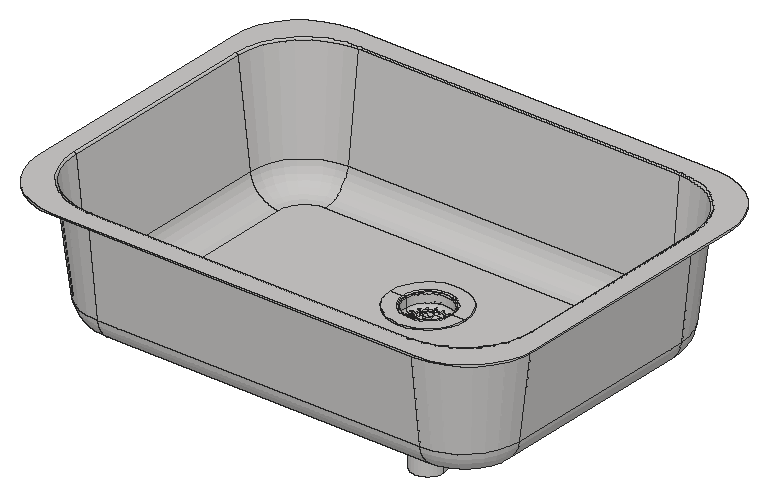
Revit family "Sink-Single_Bowl-American_Standard-Portsmouth-18SB6231800S.075", category Plumbing Fixtures, Revit 2019
Family settings
  Round Connector Dimension = Use Diameter
  Part Type = Normal
  OmniClass Number = 23.45.05.14.14
  OmniClass Title = Sinks/Lavatories
  Work Plane-Based = Yes
  Always vertical = No
  Cut with Voids When Loaded = Yes
  Shared = Yes
  Room Calculation Point = No
Parameters (values of type "18SB6231800S.075")
  Width = 23 3/8"  # constant formula
  Waste Connection Width = 8.70079"
  Waste Connection Radius = Waste Connection Diameter / 2  # 3/4"
  Waste Connection Offset = 6 5/16"  # constant formula
  Waste Connection Height = 18"
  Waste Connection Diameter = 1 1/2"
  Waste Connection = yes
  Warranty Information = "Limited Lifetime Warranty"
  WFU = 3  # constant formula
  Vent Connection = no
  URL = "https://www.americanstandard-us.com/"
  Type Comments = "26\" (660mm) cabinet required"
  Sink Offset = 2"
  Revised Date = "10/14/2022"  # constant formula
  Product Page URL = "https://www.americanstandard-us.com/Single-Bowl-Kitchen-Sinks/Portsmouth-23-x-18-Inch-Stainless-Steel-Undermount-Single-Bowl-ADA-Kitchen-Sink/STAINLESS-STL-18SB6231800S075"
  Product Documentation Link = "https://americanstandard.box.com/shared/static/1qiobrpldkbivyowbj132sy7ypx79puj.pdf"
  Model = "18SB6231800S.075"
  Material = "Metal-American Standard-075-Stainless Steel"
  Manufacturer = "American Standard"  # constant formula
  Length = 17 3/4"  # constant formula
  Installation Type = "Undermount"  # constant formula
  IAPMO Compliance = "Compliance Certifications - meets or exceeds ASME A112.19.3"
  Hot Water Connection Width = 4"
  Hot Water Connection Radius = Hot Water Connection Diameter / 2  # 1/4"
  Hot Water Connection Diameter = 1/2"
  Height = 6"  # constant formula
  HWFU = 2  # constant formula
  HW Connection = yes
  Finish = Metal-American Standard-075-Stainless Steel
  Description = "Portsmouth 23x18-inch ADA Stainless Steel Kitchen Sink"  # constant formula
  Default Elevation = 34"  # constant formula
  Creation Date = "02/06/2019"  # constant formula
  Counter Thickness = 1"
  Cold Water Connection Width = 4"
  Cold Water Connection Radius = 1/4"
  Cold Water Connection Height = 20"
  Cold Water Connection Diameter = Cold Water Connection Radius * 2  # 1/2"
  CWFU = 2  # constant formula
  CW Connection = yes
  Bowl Width = 21 7/16"  # constant formula
  Bowl Length = 15 13/16"  # constant formula
  Basin Shape = "Rectangular"  # constant formula
  Assembly Code = "D2010410"
  ADA Compliant = yes
  9028000.075 Waste Fitting = yes
  791676-100.0070A Undermount Sink Clips = yes
Reference planes (in)
  plane 1 "Center (Front/Back)": y = 0
  plane 2: z = 0
  plane 3 "Center (Left/Right)": x = 0
  plane 4: x = -11.6875
  plane 5: x = 11.6875
  plane 6: y = -2
  plane 7: y = -19.75
  plane 8: z = -1
  plane 9: z = -7
  plane 10: z = 0.0625
  plane 11: y = -18.78125
  plane 12: y = -8.3125
  plane 13: z = -12.5625
  plane 14: x = -4
  plane 15: x = 4
  plane 16: x = -10.71875
  plane 17: x = 10.71875
  plane 18: y = -10.875
  plane 19: y = -2.96875
  plane 20: z = -34
  plane 21: z = -14
  plane 22: z = -16
Forms (in)
  Extrusion 1, solid, material "Metal-American Standard-075-Stainless Steel" <- "Finish", not visible
    sketch origin (0, 0, 0) x (1, 0, 0) y (0, 0, 1)
      loop
        circle (-4, -14) r 0.25
      loop
        circle (4, -14) r 0.25
      loop
        circle (0, -16) r 0.75
    from 0 to 0.0625
  Sweep 2, solid, material "Metal-American Standard-075-Stainless Steel" <- "Finish"
    path origin (0, 0, 0) x (1, 0, 0) y (0, 1, 0)
      loop
        arc (-7.56914, -2.96875) -> (-9.79625, -3.89125) -> (-10.71875, -6.11836) r 3.14961
        line (-10.71875, -6.11836) -> (-10.71875, -15.63164)
        arc (-10.71875, -15.63164) -> (-9.79625, -17.85875) -> (-7.56914, -18.78125) r 3.14961
        line (-7.56914, -18.78125) -> (7.56914, -18.78125)
        arc (7.56914, -18.78125) -> (9.79625, -17.85875) -> (10.71875, -15.63164) r 3.14961
        line (10.71875, -15.63164) -> (10.71875, -6.11836)
        arc (10.71875, -6.11836) -> (9.79625, -3.89125) -> (7.56914, -2.96875) r 3.14961
        line (7.56914, -2.96875) -> (-7.56914, -2.96875)
    profile origin (-10.71875, -10.875, 0) x (-1, 0, 0) y (0, 0, 1)
      loop
        line (0.3937, -1) -> (0.07952, -1)
        arc (0.07952, -1) -> (0.01996, -1.02256) -> (-0.00969, -1.07893) r 0.08988
        line (-0.00969, -1.07893) -> (-0.582, -5.75575)
        arc (-0.582, -5.75575) -> (-1.02581, -6.5993) -> (-1.91717, -6.93701) r 1.3452
        line (-1.91717, -6.93701) -> (-2.11273, -6.93701) -> (-2.11273, -7) -> (-1.85227, -7)
        arc (-1.85227, -7) -> (-0.96778, -6.6649) -> (-0.52739, -5.82784) r 1.33484
        line (-0.52739, -5.82784) -> (0.05573, -1.06299) -> (0.3937, -1.06299) -> (0.3937, -1)
  Extrusion 3, solid, material "Metal-American Standard-075-Stainless Steel" <- "Finish"
    sketch origin (0, 0, 0) x (1, 0, 0) y (0, 1, 0)
      loop
        arc (-8.53789, -2) -> (-10.765, -2.9225) -> (-11.6875, -5.14961) r 3.14961
        line (-11.6875, -5.14961) -> (-11.6875, -16.60039)
        arc (-11.6875, -16.60039) -> (-10.765, -18.8275) -> (-8.53789, -19.75) r 3.14961
        line (-8.53789, -19.75) -> (8.53789, -19.75)
        arc (8.53789, -19.75) -> (10.765, -18.8275) -> (11.6875, -16.60039) r 3.14961
        line (11.6875, -16.60039) -> (11.6875, -5.14961)
        arc (11.6875, -5.14961) -> (10.765, -2.9225) -> (8.53789, -2) r 3.14961
        line (8.53789, -2) -> (-8.53789, -2)
      loop
        arc (-7.56914, -2.57505) -> (-10.07464, -3.61286) -> (-11.11245, -6.11836) r 3.54331
        line (-11.11245, -6.11836) -> (-11.11245, -15.63164)
        arc (-11.11245, -15.63164) -> (-10.07464, -18.13714) -> (-7.56914, -19.17495) r 3.54331
        line (-7.56914, -19.17495) -> (7.56914, -19.17495)
        arc (7.56914, -19.17495) -> (10.07464, -18.13714) -> (11.11245, -15.63164) r 3.54331
        line (11.11245, -15.63164) -> (11.11245, -6.11836)
        arc (11.11245, -6.11836) -> (10.07464, -3.61286) -> (7.56914, -2.57505) r 3.54331
        line (7.56914, -2.57505) -> (-7.56914, -2.57505)
    from -1.06299 to -1
  Extrusion 4, solid, material "Metal-American Standard-075-Stainless Steel" <- "Finish"
    sketch origin (0, 0, 0) x (1, 0, 0) y (0, 1, 0)
      loop
        arc (-7.56914, -5.08148) -> (-8.30233, -5.38517) -> (-8.60602, -6.11836) r 1.03688
        line (-8.60602, -6.11836) -> (-8.60602, -15.63164)
        arc (-8.60602, -15.63164) -> (-8.30233, -16.36483) -> (-7.56914, -16.66852) r 1.03688
        line (-7.56914, -16.66852) -> (7.56914, -16.66852)
        arc (7.56914, -16.66852) -> (8.30233, -16.36483) -> (8.60602, -15.63164) r 1.03688
        line (8.60602, -15.63164) -> (8.60602, -6.11836)
        arc (8.60602, -6.11836) -> (8.30233, -5.38517) -> (7.56914, -5.08148) r 1.03688
        line (7.56914, -5.08148) -> (-7.56914, -5.08148)
      loop
        circle (0, -8.3125) r 1.77165
    from -7 to -6.93701
  Extrusion 5, void
    sketch origin (0, 0, 0) x (1, 0, 0) y (0, 1, 0)
      loop
        arc (-7.56528, -2.96875) -> (-9.79512, -3.89238) -> (-10.71875, -6.12222) r 3.15347
        line (-10.71875, -6.12222) -> (-10.71875, -15.62891)
        arc (-10.71875, -15.62891) -> (-9.79545, -17.85795) -> (-7.56641, -18.78125) r 3.15234
        line (-7.56641, -18.78125) -> (7.56641, -18.78125)
        arc (7.56641, -18.78125) -> (9.79545, -17.85795) -> (10.71875, -15.62891) r 3.15234
        line (10.71875, -15.62891) -> (10.71875, -6.12109)
        arc (10.71875, -6.12109) -> (9.79545, -3.89205) -> (7.56641, -2.96875) r 3.15234
        line (7.56641, -2.96875) -> (-7.56528, -2.96875)
    from -7 to 0
Cuts and joins
  joined: Sweep 2, Extrusion 3, Extrusion 4
Lines and regions (in)
  Masking region 1
    outline origin (0, 0, 0) x (1, 0, 0) y (0, 1, 0)
      loop
        arc (-8.53789, -2) -> (-10.765, -2.9225) -> (-11.6875, -5.14961) r 3.14961
        line (-11.6875, -5.14961) -> (-11.6875, -16.60039)
        arc (-11.6875, -16.60039) -> (-10.765, -18.8275) -> (-8.53789, -19.75) r 3.14961
        line (-8.53789, -19.75) -> (8.53789, -19.75)
        arc (8.53789, -19.75) -> (10.765, -18.8275) -> (11.6875, -16.60039) r 3.14961
        line (11.6875, -16.60039) -> (11.6875, -5.14961)
        arc (11.6875, -5.14961) -> (10.765, -2.9225) -> (8.53789, -2) r 3.14961
        line (8.53789, -2) -> (-8.53789, -2)
      loop
        circle (0, -8.3125) r 1.77165
  symbolic lines, detail levels medium+fine
    curve 1: arc (-7.56914, -2.91302, 0) -> (-9.83566, -3.85184, 0) -> (-10.77448, -6.11836, 0) r 3.20534
    curve 2: line (-10.77448, -6.11836, 0) -> (-10.77448, -15.63164, 0)
    curve 3: arc (-10.77448, -15.63164, 0) -> (-9.83566, -17.89816, 0) -> (-7.56914, -18.83698, 0) r 3.20534
    curve 4: line (-7.56914, -18.83698, 0) -> (7.56914, -18.83698, 0)
    curve 5: arc (7.56914, -18.83698, 0) -> (9.83566, -17.89816, 0) -> (10.77448, -15.63164, 0) r 3.20534
    curve 6: line (10.77448, -15.63164, 0) -> (10.77448, -6.11836, 0)
    curve 7: arc (10.77448, -6.11836, 0) -> (9.83566, -3.85184, 0) -> (7.56914, -2.91302, 0) r 3.20534
    curve 8: line (7.56914, -2.91302, 0) -> (-7.56914, -2.91302, 0)
  symbolic lines, detail levels fine
    curve 9: circle (0, -8.3125, 0) r 1.77165 normal (0, 0, 1)
Dimensions and locks (in)
  equal spacing: plane 4, plane 3 "Center (Left/Right)", plane 5
  "Sink Offset": plane 1 "Center (Front/Back)" to plane 6
  "Length": plane 6 to plane 7
  "Width": plane 4 to plane 5
  "Counter Thickness": level to plane 8
  "Hot Water Connection Width": plane 14 to plane 3 "Center (Left/Right)"
  "Cold Water Connection Width": plane 15 to plane 3 "Center (Left/Right)"
  equal spacing: plane 16, plane 3 "Center (Left/Right)", plane 17
  "Bowl Width": plane 16 to plane 17
  "Waste Connection Offset": plane 12 to plane 6
  equal spacing: plane 19, plane 18, plane 11
  "Bowl Length": plane 19 to plane 11
  equal spacing: plane 6, plane 18, plane 7
  "Height": plane 8 to plane 9
  locked: Sweep 2 sketch curve to plane 9 at 0.06299
  locked: plane 8 to Sweep 2 sketch curve at 0.06299
  "Default Elevation": level to plane 20
  "Waste Connection Height": plane 22 to plane 20
  "Cold Water Connection Height": plane 21 to plane 20
  "Hot Water Connection Diameter": diameter of Extrusion 1 sketch curve
  "Cold Water Connection Diameter": diameter of Extrusion 1 sketch curve
  "Waste Connection Diameter": diameter of Extrusion 1 sketch curve
  radius of Sweep 2 sketch curve = 3.14961"  (x4)
  radius of Sweep 2 sketch curve = 0.08988"
  radius of Sweep 2 sketch curve = 1.3452"
  radius of Sweep 2 sketch curve = 1.33484"
  radius of Extrusion 3 sketch curve = 3.14961"  (x4)
  radius of Extrusion 4 sketch curve = 1.77165"
  radius of Extrusion 5 sketch curve = 3.15347"
  radius of Extrusion 5 sketch curve = 3 39/256"  (x3)
  aligned and locked: Extrusion 1 sketch curve to plane 15
  aligned and locked: plane 14 to Extrusion 1 sketch curve
  aligned and locked: plane 3 "Center (Left/Right)" to Extrusion 1 sketch curve
  aligned and locked: Sweep 2 sketch curve to plane 19
  aligned and locked: plane 16 to Sweep 2 sketch curve
  aligned and locked: Sweep 2 sketch curve to plane 11
  aligned and locked: plane 17 to Sweep 2 sketch curve
  aligned and locked: plane 8 to Sweep 2 sketch curve
  aligned and locked: plane 9 to Sweep 2 sketch curve
  aligned and locked: Extrusion 3 sketch curve to plane 6
  aligned and locked: plane 4 to Extrusion 3 sketch curve
  aligned and locked: plane 7 to Extrusion 3 sketch curve
  aligned and locked: plane 5 to Extrusion 3 sketch curve
  aligned and locked: Extrusion 3 sketch curve to Sweep 2  (x4)
  aligned and locked: Extrusion 3 to Sweep 2  (x2)
  aligned and locked: Extrusion 4 sketch curve to cut or joined group of Sweep 2, Extrusion 3, Extrusion 4  (x4)
  aligned and locked: plane 3 "Center (Left/Right)" to Extrusion 4 sketch curve
  aligned and locked: plane 12 to Extrusion 4 sketch curve
  aligned and locked: cut or joined group of Sweep 2, Extrusion 3, Extrusion 4 to Extrusion 4  (x2)
  aligned and locked: Extrusion 5 sketch curve to plane 19
  aligned and locked: plane 16 to Extrusion 5 sketch curve
  aligned and locked: Extrusion 5 sketch curve to plane 11
  aligned and locked: plane 17 to Extrusion 5 sketch curve
  aligned and locked: plane 9 to Extrusion 5
  aligned and locked: level to Extrusion 5
  aligned and locked: Masking region 1 sketch curve to cut or joined group of Sweep 2, Extrusion 3, Extrusion 4  (x4)
  aligned and locked: curve 1 to cut or joined group of Sweep 2, Extrusion 3, Extrusion 4
  aligned and locked: curve 3 to cut or joined group of Sweep 2, Extrusion 3, Extrusion 4
  aligned and locked: curve 5 to cut or joined group of Sweep 2, Extrusion 3, Extrusion 4
  aligned and locked: curve 7 to cut or joined group of Sweep 2, Extrusion 3, Extrusion 4
  aligned and locked: curve 9 to cut or joined group of Sweep 2, Extrusion 3, Extrusion 4
  aligned and locked: plane 3 "Center (Left/Right)" to nested 1
  aligned and locked: nested 1 to plane 12
  aligned and locked: plane 21 to Extrusion 1 sketch curve  (x2)
  aligned and locked: plane 22 to Extrusion 1 sketch curve
Automatic sketch dimensions
  profile plane to Sweep 2 sketch curve = 2.11273"
  Sweep 2 sketch curve to Sweep 2 sketch curve = 0.19556"
  Sweep 2 sketch curve to Sweep 2 sketch curve = 0.0649"
  profile plane to Sweep 2 sketch curve = 0.582"
  Sweep 2 sketch curve to Sweep 2 sketch curve = 0.05461"
  profile plane to Sweep 2 sketch curve = 0.00969"
  Sweep 2 sketch curve to profile plane = 0.05573"
  Sweep 2 sketch curve to Sweep 2 sketch curve = 0.02379"
  Sweep 2 sketch curve to Sweep 2 sketch curve = 0.31418"
Nested families (in)
  nested 1: "Strainer 2" at (0, -3.1875, -0.31155), Strainer Material <- "Finish", Tailpiece Material <- "Finish", visible <- "9028000.075 Waste Fitting", type "Sink Cup"
    with Tailpiece Radius 3/4", Tailpiece Material Metal-American Standard-075-Stainless Steel, Tailpiece Height 6", Strainer Material Metal-American Standard-075-Stainless Steel
Connectors (in)
  piping at (-4, 0, -14), diameter 0.5, driven by "HWFU", driven by "Hot Water Connection Diameter"
    settings: on Extrusion 1, index 1, connector inside diameter 24", connector length 0", flow factor 0, pipe flow 0 GPM, pressure drop 0.00 psi, fitting loss kfactor 0, connector angle 0.00°, fixture units 2, engagement length 0", angle of deflection 0.00°, flow configuration 3, flow direction 1, fitting loss method 0, system type 19, joint type 0, gender type 0, connector reference index -1, connector utility 0, adjustable connector no, is connector primary yes, connector description "1/2\" HW Inlet"
  piping at (0, 0, -16), diameter 1.5, driven by "WFU", driven by "Waste Connection Diameter"
    settings: on Extrusion 1, index 2, connector inside diameter 24", connector length 0", flow factor 0, pipe flow 0 GPM, pressure drop 0.00 psi, fitting loss kfactor 0, connector angle 0.00°, fixture units 3, engagement length 0", angle of deflection 0.00°, flow configuration 3, flow direction 2, fitting loss method 0, system type 16, joint type 0, gender type 0, connector reference index -1, connector utility 0, adjustable connector yes, is connector primary no, connector description "1-1/2\" Waste Outlet"
  piping at (4, 0, -14), diameter 0.5, driven by "CWFU", driven by "Cold Water Connection Diameter"
    settings: on Extrusion 1, index 3, connector inside diameter 24", connector length 0", flow factor 0, pipe flow 0 GPM, pressure drop 0.00 psi, fitting loss kfactor 0, connector angle 0.00°, fixture units 2, engagement length 0", angle of deflection 0.00°, flow configuration 3, flow direction 1, fitting loss method 0, system type 20, joint type 0, gender type 0, connector reference index -1, connector utility 0, adjustable connector no, is connector primary no, connector description "1/2\" CW Inlet"
Definition of nested family "Strainer 2"
  Parameters (values of type "Sink Cup")
    Waste Connection = yes
    WFU = 3  # constant formula
    Vent Connection = no
    URL = "https://www.franke.com/"
    Type Comments = "Minimum Cabinet Size 21\" Required"
    Tailpiece Radius [instance] = 85/256"
    Tailpiece Material [instance] = none
    Tailpiece Height [instance] = 1"
    Strainer Material [instance] = none
    Model = ""
    Material = "Stainless Steel-Franke-20 Gauge-Satin"
    Manufacturer = "Franke Commercial"
    Installation Type = "Topmounted / Undermounted"
    HWFU = 2  # constant formula
    HW Connection = yes
    Finish = none
    Description = "Rotondo Stainless Steel Sink"
    Default Elevation = 0"
    CWFU = 2  # constant formula
    CW Connection = yes
    Assembly Code = "D2010410"
  Reference planes (in)
    plane 1 "Center (Front/Back)": y = 0
    plane 2: z = 0
    plane 3 "Center (Left/Right)": x = 0
    plane 4: y = -2
    plane 5: z = 0.0625
    plane 6: x = -8.5625
    plane 7: x = 8.5625
    plane 8: y = -19.125
    plane 9: y = -10.5625
    plane 10: y = -0.625
    plane 11: y = -18.375
    plane 12: x = -7.8125
    plane 13: x = 7.8125
    plane 14: z = -6.625
    plane 15: z = -6.5625
    plane 16: y = -5.125
    plane 17: z = -7.37496
    plane 18: z = -8.37496
  Forms (in)
    Revolve 1, solid, material <- "Strainer Material"
      sketch origin (0, -5.12519, 0) x (1, 0, 0) y (0, 0, 1)
        loop
          arc (1.16148, -6.5625) -> (1.08847, -6.59274) -> (1.05823, -6.66575) r 0.10325
          line (1.05823, -6.66575) -> (1.05823, -7.05025)
          arc (1.05823, -7.05025) -> (0.99972, -7.19149) -> (0.85848, -7.25) r 0.19975
          line (0.85848, -7.25) -> (0.74387, -7.25)
          arc (0.74387, -7.25) -> (0.65998, -7.25976) -> (0.58057, -7.28851) r 0.36546
          arc (0.58057, -7.28851) -> (0.3068, -7.34328) -> (0.04305, -7.25173) r 0.53147
          line (0.04305, -7.25173) -> (0.04305, -7.02144) -> (0.20274, -7.02144) -> (0.20274, -6.97695)
          arc (0.20274, -6.97695) -> (0.10192, -6.96109) -> (0, -6.95579) r 0.98161
          line (0, -6.95579) -> (0, -7.2989)
          arc (0, -7.2989) -> (0.34375, -7.4059) -> (0.6875, -7.2989) r 0.60569
          line (0.6875, -7.2989) -> (0.6875, -7.37462) -> (0.7982, -7.37462) -> (0.7982, -7.2989) -> (0.84935, -7.2989)
          arc (0.84935, -7.2989) -> (1.04124, -7.21942) -> (1.12073, -7.02753) r 0.27138
          line (1.12073, -7.02753) -> (1.12073, -6.625) -> (1.74981, -6.625) -> (1.74981, -6.5625) -> (1.16148, -6.5625)
        axis (0, -7.37462) -> (0, -6.5625)
      angle from 0 to 360
    Revolve 2, solid, material <- "Tailpiece Material"
      sketch origin (0, -5.125, 0) x (1, 0, 0) y (0, 0, 1)
        loop
          line (0.33203, -7.29742) -> (0.21377, -7.29742) -> (0.21377, -8.37496) -> (0.33203, -8.37496) -> (0.33203, -7.29742)
        axis (0, -7.29742) -> (0, -8.37496)
      angle from 0 to 360
    Extrusion 3, void
      sketch origin (0, 0, 0) x (1, 0, 0) y (0, 1, 0)
        loop
          circle (0, -5.12519) r 1.09217
        loop
          circle (0, -5.12519) r 1.07624
      from -6.97695 to -6.3389
    Extrusion 4, void
      sketch origin (0, 0, 0) x (1, 0, 0) y (0, 1, 0)
        loop
          arc (-0.03829, -4.42496) -> (0.01332, -4.47657) -> (0.06494, -4.42496) r 0.05161
          line (0.06494, -4.42496) -> (0.06494, -4.20166)
          arc (0.06494, -4.20166) -> (0.01332, -4.15004) -> (-0.03829, -4.20166) r 0.05161
          line (-0.03829, -4.20166) -> (-0.03829, -4.42496)
      from -7.4428 to -7.11245
    Extrusion 5, void
      sketch origin (-1.75154, -0.30932, 0) x (0.939693, 0.34202, 0) y (-0.34202, 0.939693, 0)
        loop
          arc (-0.03829, -4.42496) -> (0.01332, -4.47657) -> (0.06494, -4.42496) r 0.05161
          line (0.06494, -4.42496) -> (0.06494, -4.20166)
          arc (0.06494, -4.20166) -> (0.01332, -4.15004) -> (-0.03829, -4.20166) r 0.05161
          line (-0.03829, -4.20166) -> (-0.03829, -4.42496)
      from -7.4428 to -7.11245
    Extrusion 6, void
      sketch origin (1.7517, -0.3084, 0) x (0.939693, -0.34202, 0) y (0.34202, 0.939693, 0)
        loop
          arc (-0.03829, -4.42496) -> (0.01332, -4.47657) -> (0.06494, -4.42496) r 0.05161
          line (0.06494, -4.42496) -> (0.06494, -4.20166)
          arc (0.06494, -4.20166) -> (0.01332, -4.15004) -> (-0.03829, -4.20166) r 0.05161
          line (-0.03829, -4.20166) -> (-0.03829, -4.42496)
      from -7.4428 to -7.11245
    Extrusion 7, void
      sketch origin (3.29228, -1.19731, 0) x (0.766044, -0.642788, 0) y (0.642788, 0.766044, 0)
        loop
          arc (-0.03829, -4.42496) -> (0.01332, -4.47657) -> (0.06494, -4.42496) r 0.05161
          line (0.06494, -4.42496) -> (0.06494, -4.20166)
          arc (0.06494, -4.20166) -> (0.01332, -4.15004) -> (-0.03829, -4.20166) r 0.05161
          line (-0.03829, -4.20166) -> (-0.03829, -4.42496)
      from -7.4428 to -7.11245
    Extrusion 8, void
      sketch origin (4.43593, -2.55953, 0) x (0.5, -0.866025, 0) y (0.866025, 0.5, 0)
        loop
          arc (-0.03829, -4.42496) -> (0.01332, -4.47657) -> (0.06494, -4.42496) r 0.05161
          line (0.06494, -4.42496) -> (0.06494, -4.20166)
          arc (0.06494, -4.20166) -> (0.01332, -4.15004) -> (-0.03829, -4.20166) r 0.05161
          line (-0.03829, -4.20166) -> (-0.03829, -4.42496)
      from -7.4428 to -7.11245
    Extrusion 9, void
      sketch origin (5.0447, -4.23074, 0) x (0.173648, -0.984808, 0) y (0.984808, 0.173648, 0)
        loop
          arc (-0.03829, -4.42496) -> (0.01332, -4.47657) -> (0.06494, -4.42496) r 0.05161
          line (0.06494, -4.42496) -> (0.06494, -4.20166)
          arc (0.06494, -4.20166) -> (0.01332, -4.15004) -> (-0.03829, -4.20166) r 0.05161
          line (-0.03829, -4.20166) -> (-0.03829, -4.42496)
      from -7.4428 to -7.11245
    Extrusion 10, void
      sketch origin (5.04517, -6.00938, 0) x (-0.173648, -0.984808, 0) y (0.984808, -0.173648, 0)
        loop
          arc (-0.03829, -4.42496) -> (0.01332, -4.47657) -> (0.06494, -4.42496) r 0.05161
          line (0.06494, -4.42496) -> (0.06494, -4.20166)
          arc (0.06494, -4.20166) -> (0.01332, -4.15004) -> (-0.03829, -4.20166) r 0.05161
          line (-0.03829, -4.20166) -> (-0.03829, -4.42496)
      from -7.4428 to -7.11245
    Extrusion 11, void
      sketch origin (4.43728, -7.68092, 0) x (-0.5, -0.866025, 0) y (0.866025, -0.5, 0)
        loop
          arc (-0.03829, -4.42496) -> (0.01332, -4.47657) -> (0.06494, -4.42496) r 0.05161
          line (0.06494, -4.42496) -> (0.06494, -4.20166)
          arc (0.06494, -4.20166) -> (0.01332, -4.15004) -> (-0.03829, -4.20166) r 0.05161
          line (-0.03829, -4.20166) -> (-0.03829, -4.42496)
      from -7.4428 to -7.11245
    Extrusion 12, void
      sketch origin (3.29435, -9.04374, 0) x (-0.766044, -0.642788, 0) y (0.642788, -0.766044, 0)
        loop
          arc (-0.03829, -4.42496) -> (0.01332, -4.47657) -> (0.06494, -4.42496) r 0.05161
          line (0.06494, -4.42496) -> (0.06494, -4.20166)
          arc (0.06494, -4.20166) -> (0.01332, -4.15004) -> (-0.03829, -4.20166) r 0.05161
          line (-0.03829, -4.20166) -> (-0.03829, -4.42496)
      from -7.4428 to -7.11245
    Extrusion 13, void
      sketch origin (1.75423, -9.93346, 0) x (-0.939693, -0.34202, 0) y (0.34202, -0.939693, 0)
        loop
          arc (-0.03829, -4.42496) -> (0.01332, -4.47657) -> (0.06494, -4.42496) r 0.05161
          line (0.06494, -4.42496) -> (0.06494, -4.20166)
          arc (0.06494, -4.20166) -> (0.01332, -4.15004) -> (-0.03829, -4.20166) r 0.05161
          line (-0.03829, -4.20166) -> (-0.03829, -4.42496)
      from -7.4428 to -7.11245
    Extrusion 14, void
      sketch origin (0.00269, -10.24278, 0) x (-1, 0, 0) y (0, -1, 0)
        loop
          arc (-0.03829, -4.42496) -> (0.01332, -4.47657) -> (0.06494, -4.42496) r 0.05161
          line (0.06494, -4.42496) -> (0.06494, -4.20166)
          arc (0.06494, -4.20166) -> (0.01332, -4.15004) -> (-0.03829, -4.20166) r 0.05161
          line (-0.03829, -4.20166) -> (-0.03829, -4.42496)
      from -7.4428 to -7.11245
    Extrusion 15, void
      sketch origin (-1.74901, -9.93439, 0) x (-0.939693, 0.34202, 0) y (-0.34202, -0.939693, 0)
        loop
          arc (-0.03829, -4.42496) -> (0.01332, -4.47657) -> (0.06494, -4.42496) r 0.05161
          line (0.06494, -4.42496) -> (0.06494, -4.20166)
          arc (0.06494, -4.20166) -> (0.01332, -4.15004) -> (-0.03829, -4.20166) r 0.05161
          line (-0.03829, -4.20166) -> (-0.03829, -4.42496)
      from -7.4428 to -7.11245
    Extrusion 16, void
      sketch origin (-3.28959, -9.04547, 0) x (-0.766044, 0.642788, 0) y (-0.642788, -0.766044, 0)
        loop
          arc (-0.03829, -4.42496) -> (0.01332, -4.47657) -> (0.06494, -4.42496) r 0.05161
          line (0.06494, -4.42496) -> (0.06494, -4.20166)
          arc (0.06494, -4.20166) -> (0.01332, -4.15004) -> (-0.03829, -4.20166) r 0.05161
          line (-0.03829, -4.20166) -> (-0.03829, -4.42496)
      from -7.4428 to -7.11245
    Extrusion 17, void
      sketch origin (-4.43323, -7.68325, 0) x (-0.5, 0.866025, 0) y (-0.866025, -0.5, 0)
        loop
          arc (-0.03829, -4.42496) -> (0.01332, -4.47657) -> (0.06494, -4.42496) r 0.05161
          line (0.06494, -4.42496) -> (0.06494, -4.20166)
          arc (0.06494, -4.20166) -> (0.01332, -4.15004) -> (-0.03829, -4.20166) r 0.05161
          line (-0.03829, -4.20166) -> (-0.03829, -4.42496)
      from -7.4428 to -7.11245
    Extrusion 18, void
      sketch origin (-5.042, -6.01204, 0) x (-0.173648, 0.984808, 0) y (-0.984808, -0.173648, 0)
        loop
          arc (-0.03829, -4.42496) -> (0.01332, -4.47657) -> (0.06494, -4.42496) r 0.05161
          line (0.06494, -4.42496) -> (0.06494, -4.20166)
          arc (0.06494, -4.20166) -> (0.01332, -4.15004) -> (-0.03829, -4.20166) r 0.05161
          line (-0.03829, -4.20166) -> (-0.03829, -4.42496)
      from -7.4428 to -7.11245
    Extrusion 19, void
      sketch origin (-5.04247, -4.2334, 0) x (0.173648, 0.984808, 0) y (-0.984808, 0.173648, 0)
        loop
          arc (-0.03829, -4.42496) -> (0.01332, -4.47657) -> (0.06494, -4.42496) r 0.05161
          line (0.06494, -4.42496) -> (0.06494, -4.20166)
          arc (0.06494, -4.20166) -> (0.01332, -4.15004) -> (-0.03829, -4.20166) r 0.05161
          line (-0.03829, -4.20166) -> (-0.03829, -4.42496)
      from -7.4428 to -7.11245
    Extrusion 20, void
      sketch origin (-4.43458, -2.56186, 0) x (0.5, 0.866025, 0) y (-0.866025, 0.5, 0)
        loop
          arc (-0.03829, -4.42496) -> (0.01332, -4.47657) -> (0.06494, -4.42496) r 0.05161
          line (0.06494, -4.42496) -> (0.06494, -4.20166)
          arc (0.06494, -4.20166) -> (0.01332, -4.15004) -> (-0.03829, -4.20166) r 0.05161
          line (-0.03829, -4.20166) -> (-0.03829, -4.42496)
      from -7.4428 to -7.11245
    Extrusion 21, void
      sketch origin (-3.29165, -1.19904, 0) x (0.766044, 0.642788, 0) y (-0.642788, 0.766044, 0)
        loop
          arc (-0.03829, -4.42496) -> (0.01332, -4.47657) -> (0.06494, -4.42496) r 0.05161
          line (0.06494, -4.42496) -> (0.06494, -4.20166)
          arc (0.06494, -4.20166) -> (0.01332, -4.15004) -> (-0.03829, -4.20166) r 0.05161
          line (-0.03829, -4.20166) -> (-0.03829, -4.42496)
      from -7.4428 to -7.11245
  Cuts and joins
    Extrusion 3, Extrusion 4, Extrusion 5, Extrusion 6, Extrusion 7, Extrusion 8, Extrusion 9, Extrusion 10, Extrusion 11, Extrusion 12, Extrusion 13, Extrusion 14, Extrusion 15, Extrusion 16, Extrusion 17, Extrusion 18, Extrusion 19, Extrusion 20, Extrusion 21 cuts Revolve 1
  Lines and regions (in)
    Masking region 1
      outline origin (0, 0, 0) x (1, 0, 0) y (0, 1, 0)
        loop
          circle (0, -5.12519) r 1.74981
    symbolic lines, detail levels fine
      curve 1: circle (0, -5.12519, 0) r 1.09217 normal (0, 0, 1)
      curve 2: spline (0.06491, -4.42496, 0) -> (0.06334, -4.43834, 0) -> (0.05829, -4.45085, 0) -> (0.05012, -4.46161, 0) -> (0.03939, -4.46989, 0) -> (0.02686, -4.47509, 0) -> (0.01338, -4.47687, 0) -> (-0.0001, -4.47509, 0) -> (-0.01264, -4.46989, 0) -> (-0.02337, -4.46161, 0) -> (-0.03155, -4.45085, 0) -> (-0.0366, -4.43834, 0) -> (-0.03818, -4.42496, 0)
      curve 3: line (-0.03818, -4.42496, 0) -> (-0.03829, -4.3823, 0)
      curve 4: line (-0.19124, -4.40632, 0) -> (-0.17714, -4.44522, 0)
      curve 5: spline (-0.17714, -4.44522, 0) -> (-0.17414, -4.45779, 0) -> (-0.17473, -4.47079, 0) -> (-0.17887, -4.48332, 0) -> (-0.18626, -4.49448, 0) -> (-0.19639, -4.5035, 0) -> (-0.20854, -4.50975, 0) -> (-0.22186, -4.51277, 0) -> (-0.23541, -4.51237, 0) -> (-0.24825, -4.50857, 0) -> (-0.25947, -4.50164, 0) -> (-0.26828, -4.49206, 0) -> (-0.27406, -4.4805, 0)
      curve 6: line (-0.27406, -4.4805, 0) -> (-0.28894, -4.43973, 0)
      curve 7: line (-0.42483, -4.51456, 0) -> (-0.39763, -4.54705, 0)
      curve 8: spline (-0.39763, -4.54705, 0) -> (-0.39023, -4.5583, 0) -> (-0.38604, -4.57112, 0) -> (-0.38538, -4.58462, 0) -> (-0.38828, -4.59785, 0) -> (-0.39454, -4.6099, 0) -> (-0.40372, -4.61993, 0) -> (-0.41519, -4.62724, 0) -> (-0.42815, -4.63131, 0) -> (-0.44169, -4.63187, 0) -> (-0.45488, -4.62888, 0) -> (-0.46678, -4.62254, 0) -> (-0.47659, -4.6133, 0)
      curve 9: line (-0.47659, -4.6133, 0) -> (-0.50529, -4.57927, 0)
      curve 10: line (-0.60777, -4.69629, 0) -> (-0.57001, -4.71814, 0)
      curve 11: spline (-0.57001, -4.71814, 0) -> (-0.5592, -4.72618, 0) -> (-0.55088, -4.73679, 0) -> (-0.54564, -4.74925, 0) -> (-0.54383, -4.76268, 0) -> (-0.54559, -4.77615, 0) -> (-0.55079, -4.78872, 0) -> (-0.55908, -4.79951, 0) -> (-0.56986, -4.80777, 0) -> (-0.5824, -4.81293, 0) -> (-0.59582, -4.81462, 0) -> (-0.60917, -4.81274, 0) -> (-0.62154, -4.8074, 0)
      curve 12: line (-0.62154, -4.8074, 0) -> (-0.66131, -4.78458, 0)
      curve 13: line (-0.71781, -4.93001, 0) -> (-0.67347, -4.93788, 0)
      curve 14: spline (-0.67347, -4.93788, 0) -> (-0.66056, -4.94172, 0) -> (-0.64911, -4.94885, 0) -> (-0.63992, -4.95876, 0) -> (-0.63363, -4.97076, 0) -> (-0.63068, -4.98403, 0) -> (-0.63127, -4.99762, 0) -> (-0.63536, -5.0106, 0) -> (-0.64268, -5.02206, 0) -> (-0.6527, -5.0312, 0) -> (-0.66472, -5.03737, 0) -> (-0.67792, -5.04016, 0) -> (-0.69137, -5.03937, 0)
      curve 15: line (-0.69137, -5.03937, 0) -> (-0.73792, -5.03129, 0)
      curve 16: line (0.74061, -5.05561, 0) -> (0.69824, -5.06304, 0)
      curve 17: spline (0.69824, -5.06304, 0) -> (0.68478, -5.06382, 0) -> (0.67159, -5.06103, 0) -> (0.65956, -5.05486, 0) -> (0.64955, -5.04573, 0) -> (0.64224, -5.03428, 0) -> (0.63815, -5.02132, 0) -> (0.63756, -5.00773, 0) -> (0.64051, -4.99447, 0) -> (0.6468, -4.98247, 0) -> (0.65599, -4.97255, 0) -> (0.66743, -4.96541, 0) -> (0.68034, -4.96154, 0)
      curve 18: line (0.68034, -4.96154, 0) -> (0.72385, -4.95375, 0)
      curve 19: line (0.67253, -4.80731, 0) -> (0.63625, -4.82821, 0)
      curve 20: spline (0.63625, -4.82821, 0) -> (0.62388, -4.83354, 0) -> (0.61052, -4.83543, 0) -> (0.59711, -4.83374, 0) -> (0.58458, -4.82858, 0) -> (0.5738, -4.82033, 0) -> (0.56552, -4.80955, 0) -> (0.56032, -4.79699, 0) -> (0.55856, -4.78352, 0) -> (0.56037, -4.77009, 0) -> (0.5656, -4.75763, 0) -> (0.57391, -4.747, 0) -> (0.58472, -4.73895, 0)
      curve 21: line (0.58472, -4.73895, 0) -> (0.62205, -4.71726, 0)
      curve 22: line (0.52411, -4.59731, 0) -> (0.49769, -4.62874, 0)
      curve 23: spline (0.49769, -4.62874, 0) -> (0.48788, -4.63798, 0) -> (0.47597, -4.64432, 0) -> (0.46279, -4.64732, 0) -> (0.44926, -4.64676, 0) -> (0.43631, -4.64269, 0) -> (0.42485, -4.63539, 0) -> (0.41567, -4.62537, 0) -> (0.40941, -4.61332, 0) -> (0.40651, -4.60009, 0) -> (0.40717, -4.58658, 0) -> (0.41134, -4.57375, 0) -> (0.41873, -4.56249, 0)
      curve 24: line (0.41873, -4.56249, 0) -> (0.44598, -4.52983, 0)
      curve 25: line (0.31322, -4.45047, 0) -> (0.29926, -4.48869, 0)
      curve 26: spline (0.29926, -4.48869, 0) -> (0.2932, -4.50073, 0) -> (0.28418, -4.51076, 0) -> (0.27282, -4.51808, 0) -> (0.25991, -4.52219, 0) -> (0.24635, -4.52279, 0) -> (0.23309, -4.51985, 0) -> (0.22103, -4.51357, 0) -> (0.21103, -4.50439, 0) -> (0.20378, -4.49295, 0) -> (0.19978, -4.48004, 0) -> (0.19931, -4.46655, 0) -> (0.2024, -4.45344, 0)
      curve 27: line (0.2024, -4.45344, 0) -> (0.21677, -4.41361, 0)
      curve 28: line (0.06491, -4.38415, 0) -> (0.06491, -4.42496, 0)
      curve 29: line (-0.62009, -4.44219, 0) -> (-0.57316, -4.49838, 0)
      curve 30: line (-0.69945, -4.64335, 0) -> (-0.76344, -4.60657, 0)
      curve 31: spline (-0.76344, -4.60657, 0) -> (-0.7755, -4.60083, 0) -> (-0.78876, -4.59868, 0) -> (-0.80224, -4.60028, 0) -> (-0.81496, -4.60551, 0) -> (-0.82597, -4.61399, 0) -> (-0.83446, -4.62508, 0) -> (-0.83982, -4.63798, 0) -> (-0.84165, -4.65174, 0) -> (-0.83981, -4.66534, 0) -> (-0.83444, -4.67779, 0) -> (-0.82593, -4.68816, 0) -> (-0.81492, -4.6957, 0)
      curve 32: line (-0.81492, -4.6957, 0) -> (-0.75275, -4.73178, 0)
      curve 33: line (-0.82206, -4.91163, 0) -> (-0.8934, -4.89918, 0)
      curve 34: spline (-0.8934, -4.89918, 0) -> (-0.9067, -4.89794, 0) -> (-0.9199, -4.90047, 0) -> (-0.93202, -4.90659, 0) -> (-0.94217, -4.91584, 0) -> (-0.94961, -4.92756, 0) -> (-0.9538, -4.94088, 0) -> (-0.95442, -4.95482, 0) -> (-0.95143, -4.96836, 0) -> (-0.94506, -4.9805, 0) -> (-0.93576, -4.99036, 0) -> (-0.92422, -4.99722, 0) -> (-0.91128, -5.00056, 0)
      curve 35: line (-0.91128, -5.00056, 0) -> (-0.8419, -5.01295, 0)
      curve 36: line (0.84479, -5.03724, 0) -> (0.91813, -5.02416, 0)
      curve 37: spline (0.91813, -5.02416, 0) -> (0.93105, -5.02084, 0) -> (0.94259, -5.01398, 0) -> (0.95189, -5.0041, 0) -> (0.95827, -4.99192, 0) -> (0.96125, -4.97834, 0) -> (0.96063, -4.96437, 0) -> (0.95644, -4.95102, 0) -> (0.94899, -4.9393, 0) -> (0.93883, -4.93005, 0) -> (0.92672, -4.92396, 0) -> (0.91354, -4.92148, 0) -> (0.90027, -4.9228, 0)
      curve 38: line (0.90027, -4.9228, 0) -> (0.82788, -4.9354, 0)
      curve 39: line (0.76415, -4.75442, 0) -> (0.82959, -4.71646, 0)
      curve 40: spline (0.82959, -4.71646, 0) -> (0.8406, -4.70894, 0) -> (0.8491, -4.69856, 0) -> (0.85446, -4.68609, 0) -> (0.85629, -4.67246, 0) -> (0.85445, -4.65867, 0) -> (0.84907, -4.64574, 0) -> (0.84057, -4.63462, 0) -> (0.82955, -4.62614, 0) -> (0.81684, -4.62092, 0) -> (0.80337, -4.61935, 0) -> (0.79015, -4.62154, 0) -> (0.77814, -4.62733, 0)
      curve 41: line (0.77814, -4.62733, 0) -> (0.71352, -4.66445, 0)
      curve 42: line (0.59212, -4.51626, 0) -> (0.64115, -4.45761, 0)
      curve 43: spline (0.64115, -4.45761, 0) -> (0.64892, -4.44678, 0) -> (0.65337, -4.43412, 0) -> (0.65414, -4.42057, 0) -> (0.6512, -4.40713, 0) -> (0.64475, -4.39479, 0) -> (0.63527, -4.38447, 0) -> (0.62346, -4.37693, 0) -> (0.6102, -4.37273, 0) -> (0.59647, -4.37217, 0) -> (0.58328, -4.3753, 0) -> (0.57161, -4.38189, 0) -> (0.56232, -4.39145, 0)
      curve 44: line (0.56232, -4.39145, 0) -> (0.51387, -4.44892, 0)
      curve 45: line (0.34941, -4.35104, 0) -> (0.37553, -4.27881, 0)
      curve 46: spline (0.37553, -4.27881, 0) -> (0.37914, -4.26598, 0) -> (0.37899, -4.25256, 0) -> (0.37508, -4.23956, 0) -> (0.36772, -4.22794, 0) -> (0.35743, -4.21855, 0) -> (0.34499, -4.21209, 0) -> (0.33132, -4.20905, 0) -> (0.31742, -4.20963, 0) -> (0.30432, -4.2138, 0) -> (0.293, -4.22126, 0) -> (0.28429, -4.23145, 0) -> (0.27883, -4.24361, 0)
      curve 47: line (0.27883, -4.24361, 0) -> (0.2529, -4.31436, 0)
      curve 48: line (0.06494, -4.27832, 0) -> (0.06449, -4.20163, 0)
      curve 49: spline (0.06449, -4.20163, 0) -> (0.0635, -4.18833, 0) -> (0.05879, -4.17578, 0) -> (0.05073, -4.1649, 0) -> (0.0399, -4.15649, 0) -> (0.0271, -4.15119, 0) -> (0.01329, -4.14938, 0) -> (-0.00051, -4.15119, 0) -> (-0.01329, -4.15649, 0) -> (-0.0241, -4.16489, 0) -> (-0.03214, -4.17577, 0) -> (-0.03681, -4.18833, 0) -> (-0.03778, -4.20162, 0)
      curve 50: line (-0.03778, -4.20162, 0) -> (-0.03829, -4.2767, 0)
      curve 51: line (-0.22745, -4.30686, 0) -> (-0.2536, -4.23542, 0)
      curve 52: spline (-0.2536, -4.23542, 0) -> (-0.25911, -4.22327, 0) -> (-0.26786, -4.21309, 0) -> (-0.27921, -4.20565, 0) -> (-0.29233, -4.20148, 0) -> (-0.30623, -4.20089, 0) -> (-0.3199, -4.20394, 0) -> (-0.33233, -4.21039, 0) -> (-0.34259, -4.21977, 0) -> (-0.34993, -4.23138, 0) -> (-0.35381, -4.24437, 0) -> (-0.35394, -4.25777, 0) -> (-0.35031, -4.27061, 0)
      curve 53: line (-0.35031, -4.27061, 0) -> (-0.32506, -4.3405, 0)
      curve 54: line (-0.49287, -4.43347, 0) -> (-0.54124, -4.37604, 0)
      curve 55: spline (-0.54124, -4.37604, 0) -> (-0.55059, -4.36652, 0) -> (-0.56231, -4.35996, 0) -> (-0.57552, -4.35685, 0) -> (-0.58926, -4.35741, 0) -> (-0.60252, -4.36162, 0) -> (-0.61431, -4.36915, 0) -> (-0.62377, -4.37945, 0) -> (-0.6302, -4.39176, 0) -> (-0.63313, -4.40518, 0) -> (-0.63234, -4.41871, 0) -> (-0.62788, -4.43136, 0) -> (-0.62009, -4.44219, 0)
      curve 56: spline (-0.63355, -5.41458, 0) -> (-0.6212, -5.40921, 0) -> (-0.60785, -5.4073, 0) -> (-0.59444, -5.40898, 0) -> (-0.5819, -5.41413, 0) -> (-0.5711, -5.4224, 0) -> (-0.56281, -5.43321, 0) -> (-0.5576, -5.44579, 0) -> (-0.55584, -5.45928, 0) -> (-0.55764, -5.47272, 0) -> (-0.56289, -5.48519, 0) -> (-0.57121, -5.4958, 0) -> (-0.58203, -5.50382, 0)
      curve 57: line (-0.58203, -5.50382, 0) -> (-0.6249, -5.52873, 0)
      curve 58: line (-0.52612, -5.65107, 0) -> (-0.49498, -5.61405, 0)
      curve 59: spline (-0.49498, -5.61405, 0) -> (-0.48522, -5.60478, 0) -> (-0.47333, -5.59841, 0) -> (-0.46015, -5.5954, 0) -> (-0.4466, -5.59595, 0) -> (-0.43363, -5.60003, 0) -> (-0.42214, -5.60735, 0) -> (-0.41294, -5.6174, 0) -> (-0.40666, -5.62947, 0) -> (-0.40376, -5.64272, 0) -> (-0.40443, -5.65623, 0) -> (-0.40863, -5.66905, 0) -> (-0.41605, -5.68028, 0)
      curve 60: line (-0.41605, -5.68028, 0) -> (-0.44824, -5.71885, 0)
      curve 61: line (-0.31328, -5.79988, 0) -> (-0.29655, -5.75409, 0)
      curve 62: spline (-0.29655, -5.75409, 0) -> (-0.29055, -5.74204, 0) -> (-0.28156, -5.73199, 0) -> (-0.2702, -5.72466, 0) -> (-0.25728, -5.72054, 0) -> (-0.24369, -5.71993, 0) -> (-0.23039, -5.72288, 0) -> (-0.21831, -5.72917, 0) -> (-0.20828, -5.73837, 0) -> (-0.20102, -5.74984, 0) -> (-0.19703, -5.76276, 0) -> (-0.19659, -5.77624, 0) -> (-0.19973, -5.78933, 0)
      curve 63: line (-0.19973, -5.78933, 0) -> (-0.21683, -5.83675, 0)
      curve 64: line (-0.06221, -5.86646, 0) -> (-0.06221, -5.81782, 0)
      curve 65: spline (-0.06221, -5.81782, 0) -> (-0.06069, -5.80444, 0) -> (-0.05567, -5.79193, 0) -> (-0.04751, -5.78115, 0) -> (-0.03677, -5.77286, 0) -> (-0.02421, -5.76765, 0) -> (-0.0107, -5.76587, 0) -> (0.00281, -5.76765, 0) -> (0.01538, -5.77286, 0) -> (0.02612, -5.78115, 0) -> (0.03429, -5.79193, 0) -> (0.03931, -5.80444, 0) -> (0.04084, -5.81782, 0)
      curve 66: line (0.04084, -5.81782, 0) -> (0.04099, -5.86793, 0)
      curve 67: line (0.19622, -5.84272, 0) -> (0.17983, -5.79756, 0)
      curve 68: spline (0.17983, -5.79756, 0) -> (0.17669, -5.78446, 0) -> (0.17713, -5.77098, 0) -> (0.18111, -5.75806, 0) -> (0.18837, -5.7466, 0) -> (0.19838, -5.73741, 0) -> (0.21046, -5.73112, 0) -> (0.22376, -5.72817, 0) -> (0.23735, -5.72878, 0) -> (0.25027, -5.73289, 0) -> (0.26164, -5.74022, 0) -> (0.27064, -5.75027, 0) -> (0.27666, -5.76232, 0)
      curve 69: line (0.27666, -5.76232, 0) -> (0.29367, -5.80864, 0)
      curve 70: line (0.43053, -5.73181, 0) -> (0.40033, -5.69573, 0)
      curve 71: spline (0.40033, -5.69573, 0) -> (0.3929, -5.6845, 0) -> (0.38871, -5.67168, 0) -> (0.38804, -5.65818, 0) -> (0.39093, -5.64493, 0) -> (0.3972, -5.63287, 0) -> (0.40639, -5.62283, 0) -> (0.41788, -5.61551, 0) -> (0.43085, -5.61144, 0) -> (0.4444, -5.61088, 0) -> (0.45759, -5.61388, 0) -> (0.46948, -5.62024, 0) -> (0.47927, -5.6295, 0)
      curve 72: line (0.47927, -5.6295, 0) -> (0.51037, -5.66636, 0)
      curve 73: line (0.61233, -5.54757, 0) -> (0.57271, -5.52461, 0)
      curve 74: spline (0.57271, -5.52461, 0) -> (0.56181, -5.51665, 0) -> (0.55342, -5.50608, 0) -> (0.54811, -5.49364, 0) -> (0.54626, -5.48021, 0) -> (0.548, -5.46672, 0) -> (0.55321, -5.45412, 0) -> (0.56153, -5.4433, 0) -> (0.57236, -5.43501, 0) -> (0.58496, -5.42983, 0) -> (0.59843, -5.42813, 0) -> (0.61184, -5.43002, 0) -> (0.62425, -5.43537, 0)
      curve 75: line (0.62425, -5.43537, 0) -> (0.66491, -5.45873, 0)
      curve 76: line (0.71986, -5.31266, 0) -> (0.67616, -5.30488, 0)
      curve 77: spline (0.67616, -5.30488, 0) -> (0.6632, -5.30111, 0) -> (0.6517, -5.29404, 0) -> (0.64247, -5.28416, 0) -> (0.63614, -5.27217, 0) -> (0.63317, -5.2589, 0) -> (0.63376, -5.24529, 0) -> (0.63787, -5.23229, 0) -> (0.64521, -5.2208, 0) -> (0.65527, -5.21163, 0) -> (0.66734, -5.20542, 0) -> (0.68058, -5.20261, 0) -> (0.69407, -5.20339, 0)
      curve 78: line (0.69407, -5.20339, 0) -> (0.73888, -5.21119, 0)
      curve 79: line (-0.74124, -5.18776, 0) -> (-0.69554, -5.17975, 0)
      curve 80: spline (-0.69554, -5.17975, 0) -> (-0.6821, -5.17894, 0) -> (-0.6689, -5.18171, 0) -> (-0.65687, -5.18788, 0) -> (-0.64685, -5.19701, 0) -> (-0.63954, -5.20847, 0) -> (-0.63544, -5.22145, 0) -> (-0.63485, -5.23505, 0) -> (-0.6378, -5.24833, 0) -> (-0.6441, -5.26034, 0) -> (-0.65329, -5.27026, 0) -> (-0.66474, -5.27739, 0) -> (-0.67765, -5.28123, 0)
      curve 81: line (-0.67765, -5.28123, 0) -> (-0.72543, -5.28979, 0)
      curve 82: line (-0.67476, -5.43831, 0) -> (-0.63355, -5.41458, 0)
      curve 83: spline (-0.77549, -5.61539, 0) -> (-0.78738, -5.62145, 0) -> (-0.80059, -5.62383, 0) -> (-0.81413, -5.62236, 0) -> (-0.82696, -5.61713, 0) -> (-0.83811, -5.60856, 0) -> (-0.84674, -5.59729, 0) -> (-0.85218, -5.58418, 0) -> (-0.85404, -5.57022, 0) -> (-0.85216, -5.55647, 0) -> (-0.84668, -5.54397, 0) -> (-0.83804, -5.53368, 0) -> (-0.82687, -5.52637, 0)
      curve 84: line (-0.82687, -5.52637, 0) -> (-0.77435, -5.49581, 0)
      curve 85: line (-0.83841, -5.30971, 0) -> (-0.8976, -5.3199, 0)
      curve 86: spline (-0.8976, -5.3199, 0) -> (-0.91083, -5.32156, 0) -> (-0.92406, -5.3193, 0) -> (-0.93628, -5.31329, 0) -> (-0.94656, -5.30399, 0) -> (-0.95411, -5.29211, 0) -> (-0.95837, -5.27854, 0) -> (-0.95901, -5.26433, 0) -> (-0.95597, -5.25056, 0) -> (-0.9495, -5.23827, 0) -> (-0.94008, -5.2284, 0) -> (-0.92843, -5.2217, 0) -> (-0.91543, -5.21869, 0)
      curve 87: line (-0.91543, -5.21869, 0) -> (-0.8545, -5.20773, 0)
      curve 88: line (0.85191, -5.23112, 0) -> (0.91398, -5.24233, 0)
      curve 89: spline (0.91398, -5.24233, 0) -> (0.92698, -5.24522, 0) -> (0.93866, -5.25184, 0) -> (0.9481, -5.26166, 0) -> (0.9546, -5.27395, 0) -> (0.95764, -5.28775, 0) -> (0.957, -5.30201, 0) -> (0.95272, -5.31563, 0) -> (0.94514, -5.32757, 0) -> (0.93483, -5.33691, 0) -> (0.92259, -5.34294, 0) -> (0.90935, -5.34519, 0) -> (0.89613, -5.3435, 0)
      curve 90: line (0.89613, -5.3435, 0) -> (0.83304, -5.33261, 0)
      curve 91: line (0.7643, -5.51611, 0) -> (0.81758, -5.54716, 0)
      curve 92: spline (0.81758, -5.54716, 0) -> (0.82879, -5.55437, 0) -> (0.83749, -5.56461, 0) -> (0.84299, -5.57707, 0) -> (0.84489, -5.59082, 0) -> (0.84304, -5.60481, 0) -> (0.83757, -5.61796, 0) -> (0.82891, -5.62927, 0) -> (0.81772, -5.63788, 0) -> (0.80485, -5.64313, 0) -> (0.79129, -5.64461, 0) -> (0.77807, -5.64222, 0) -> (0.7662, -5.63614, 0)
      curve 93: line (0.7662, -5.63614, 0) -> (0.71185, -5.60503, 0)
      curve 94: line (0.58415, -5.75428, 0) -> (0.62274, -5.80064, 0)
      curve 95: spline (0.62274, -5.80064, 0) -> (0.63078, -5.81129, 0) -> (0.63543, -5.82389, 0) -> (0.63633, -5.83749, 0) -> (0.63342, -5.85105, 0) -> (0.6269, -5.86353, 0) -> (0.61729, -5.874, 0) -> (0.60531, -5.88165, 0) -> (0.59187, -5.8859, 0) -> (0.57799, -5.88643, 0) -> (0.56474, -5.8832, 0) -> (0.55312, -5.87645, 0) -> (0.54401, -5.8667, 0)
      curve 96: line (0.54401, -5.8667, 0) -> (0.50441, -5.81985, 0)
      curve 97: line (0.33292, -5.91648, 0) -> (0.35295, -5.9722, 0)
      curve 98: spline (0.35295, -5.9722, 0) -> (0.35684, -5.98498, 0) -> (0.35689, -5.99841, 0) -> (0.35308, -6.01149, 0) -> (0.3457, -6.02322, 0) -> (0.33533, -6.03272, 0) -> (0.32273, -6.03926, 0) -> (0.30888, -6.04234, 0) -> (0.29481, -6.04174, 0) -> (0.2816, -6.0375, 0) -> (0.27025, -6.02993, 0) -> (0.26162, -6.01962, 0) -> (0.25636, -6.00735, 0)
      curve 99: line (0.25636, -6.00735, 0) -> (0.23549, -5.95072, 0)
      curve 100: line (0.04082, -5.98269, 0) -> (0.04082, -6.04115, 0)
      curve 101: spline (0.04082, -6.04115, 0) -> (0.04009, -6.05448, 0) -> (0.03552, -6.06712, 0) -> (0.02745, -6.0781, 0) -> (0.01651, -6.0866, 0) -> (0.0035, -6.09197, 0) -> (-0.01057, -6.09381, 0) -> (-0.02465, -6.09197, 0) -> (-0.03766, -6.0866, 0) -> (-0.04863, -6.0781, 0) -> (-0.05673, -6.06711, 0) -> (-0.06133, -6.05447, 0) -> (-0.0621, -6.04114, 0)
      curve 102: line (-0.0621, -6.04114, 0) -> (-0.0621, -5.98141, 0)
      curve 103: line (-0.25606, -5.94457, 0) -> (-0.2762, -5.99916, 0)
      curve 104: spline (-0.2762, -5.99916, 0) -> (-0.28145, -6.01144, 0) -> (-0.29006, -6.02175, 0) -> (-0.30138, -6.02931, 0) -> (-0.31456, -6.03356, 0) -> (-0.3286, -6.03416, 0) -> (-0.34243, -6.03108, 0) -> (-0.35501, -6.02455, 0) -> (-0.36539, -6.01505, 0) -> (-0.37278, -6.00332, 0) -> (-0.37662, -5.99023, 0) -> (-0.37662, -5.97679, 0) -> (-0.37279, -5.96399, 0)
      curve 105: line (-0.37279, -5.96399, 0) -> (-0.3526, -5.90791, 0)
      curve 106: line (-0.52199, -5.80674, 0) -> (-0.55968, -5.8513, 0)
      curve 107: spline (-0.55968, -5.8513, 0) -> (-0.5688, -5.86104, 0) -> (-0.58041, -5.86779, 0) -> (-0.59364, -5.87103, 0) -> (-0.60748, -5.87051, 0) -> (-0.62088, -5.86628, 0) -> (-0.63283, -5.85865, 0) -> (-0.64242, -5.8482, 0) -> (-0.64893, -5.83572, 0) -> (-0.65186, -5.82217, 0) -> (-0.65099, -5.80856, 0) -> (-0.6464, -5.79592, 0) -> (-0.63841, -5.78521, 0)
      curve 108: line (-0.63841, -5.78521, 0) -> (-0.60003, -5.73915, 0)
      curve 109: line (-0.72426, -5.58609, 0) -> (-0.77549, -5.61539, 0)
  Dimensions and locks (in)
    plane 4 to plane 1 "Center (Front/Back)" = 2"
    locked: plane 5 to level at 0.0625
    equal spacing: plane 6, plane 3 "Center (Left/Right)", plane 7
    plane 6 to plane 7 = 17 1/8"
    plane 8 to plane 4 = 17 1/8"
    plane 11 to plane 10 = 17 3/4"
    plane 6 to plane 12 = 3/4"
    plane 13 to plane 7 = 3/4"
    plane 8 to plane 11 = 3/4"
    plane 5 to plane 14 = 6 11/16"
    locked: plane 15 to plane 14 at 0.0625
    locked: plane 8 to plane 9 at 8.5625
    plane 4 to plane 16 = 3 1/8"
    locked: Revolve 2 sketch curve to Revolve 2 sketch curve at 0.11826
    "Tailpiece Radius": Revolve 2 sketch curve to plane 3 "Center (Left/Right)"
    "Tailpiece Height": plane 17 to plane 18
    aligned and locked: plane 3 "Center (Left/Right)" to Revolve 1 sketch curve
    aligned and locked: plane 18 to Revolve 2
  Automatic sketch dimensions
    Extrusion 4 sketch curve to Extrusion 4 sketch curve = 0.2233"
    Extrusion 4 sketch curve to Extrusion 4 sketch curve = 0.05161"
    Extrusion 3 sketch curve to Extrusion 3 sketch curve = 0"  (x2)
    Extrusion 3 sketch curve to plane 3 "Center (Left/Right)" = 0"
    Extrusion 3 sketch curve to plane 16 = 0.00019"
    Extrusion 5 sketch curve to Extrusion 5 sketch curve = 0.2233"
    Extrusion 5 sketch curve to Extrusion 5 sketch curve = 0.05161"
    Extrusion 6 sketch curve to Extrusion 6 sketch curve = 0.2233"
    Extrusion 6 sketch curve to Extrusion 6 sketch curve = 0.05161"
    Extrusion 7 sketch curve to Extrusion 7 sketch curve = 0.2233"
    Extrusion 7 sketch curve to Extrusion 7 sketch curve = 0.05161"
    Extrusion 8 sketch curve to Extrusion 8 sketch curve = 0.2233"
    Extrusion 8 sketch curve to Extrusion 8 sketch curve = 0.05161"
    Extrusion 9 sketch curve to Extrusion 9 sketch curve = 0.2233"
    Extrusion 9 sketch curve to Extrusion 9 sketch curve = 0.05161"
    Extrusion 10 sketch curve to Extrusion 10 sketch curve = 0.2233"
    Extrusion 10 sketch curve to Extrusion 10 sketch curve = 0.05161"
    Extrusion 11 sketch curve to Extrusion 11 sketch curve = 0.2233"
    Extrusion 11 sketch curve to Extrusion 11 sketch curve = 0.05161"
    Extrusion 12 sketch curve to Extrusion 12 sketch curve = 0.2233"
    Extrusion 12 sketch curve to Extrusion 12 sketch curve = 0.05161"
    Extrusion 13 sketch curve to Extrusion 13 sketch curve = 0.2233"
    Extrusion 13 sketch curve to Extrusion 13 sketch curve = 0.05161"
    Extrusion 14 sketch curve to Extrusion 14 sketch curve = 0.2233"
    Extrusion 14 sketch curve to Extrusion 14 sketch curve = 0.05161"
    Extrusion 15 sketch curve to Extrusion 15 sketch curve = 0.2233"
    Extrusion 15 sketch curve to Extrusion 15 sketch curve = 0.05161"
    Extrusion 16 sketch curve to Extrusion 16 sketch curve = 0.2233"
    Extrusion 16 sketch curve to Extrusion 16 sketch curve = 0.05161"
    Extrusion 17 sketch curve to Extrusion 17 sketch curve = 0.2233"
    Extrusion 17 sketch curve to Extrusion 17 sketch curve = 0.05161"
    Extrusion 18 sketch curve to Extrusion 18 sketch curve = 0.2233"
    Extrusion 18 sketch curve to Extrusion 18 sketch curve = 0.05161"
    Extrusion 19 sketch curve to Extrusion 19 sketch curve = 0.2233"
    Extrusion 19 sketch curve to Extrusion 19 sketch curve = 0.05161"
    Extrusion 20 sketch curve to Extrusion 20 sketch curve = 0.2233"
    Extrusion 20 sketch curve to Extrusion 20 sketch curve = 0.05161"
    Extrusion 21 sketch curve to Extrusion 21 sketch curve = 0.2233"
    Extrusion 21 sketch curve to Extrusion 21 sketch curve = 0.05161"
    Revolve 1 sketch curve to plane 3 "Center (Left/Right)" = 0"
    Revolve 1 sketch curve to plane 14 = 0"
    Revolve 1 sketch curve to plane 15 = 0"
    plane 3 "Center (Left/Right)" to Revolve 1 sketch curve = 0.04305"
    Revolve 1 sketch curve to Revolve 1 sketch curve = 0.15969"
    Revolve 1 sketch curve to Revolve 1 sketch curve = 0.14035"
    Revolve 1 sketch curve to Revolve 1 sketch curve = 0.00066"
    plane 17 to Revolve 1 sketch curve = 0.00034"
    Revolve 1 sketch curve to Revolve 1 sketch curve = 0.48476"
    Revolve 1 sketch curve to Revolve 1 sketch curve = 0.05637"
    Revolve 1 sketch curve to Revolve 1 sketch curve = 0.1107"
    Revolve 1 sketch curve to Revolve 1 sketch curve = 0.05116"
    Revolve 1 sketch curve to Revolve 1 sketch curve = 0.00912"
    Revolve 1 sketch curve to Revolve 1 sketch curve = 0.19975"
    Revolve 1 sketch curve to Revolve 1 sketch curve = 1/16"
    Revolve 1 sketch curve to plane 14 = 0.04075"
    Revolve 1 sketch curve to Revolve 1 sketch curve = 0.58834"
    Revolve 1 sketch curve to plane 17 = 0.24051"
    plane 17 to Revolve 1 sketch curve = 0.07605"
    Revolve 1 sketch curve to Revolve 1 sketch curve = 0.07572"
    Revolve 1 sketch curve to Revolve 1 sketch curve = 0.04718"
    Revolve 1 sketch curve to Revolve 1 sketch curve = 0.0489"
    Revolve 1 sketch curve to Revolve 1 sketch curve = 0.23029"
    Revolve 1 sketch curve to plane 14 = 0.18805"
    Revolve 1 sketch curve to Revolve 1 sketch curve = 0.01285"
    Revolve 1 sketch curve to plane 18 = 0.18228"
    Revolve 1 sketch curve to Revolve 1 sketch curve = 0.06565"
    Revolve 1 sketch curve to Revolve 1 sketch curve = 0.04449"
    plane 15 to Revolve 1 sketch curve = 0.25005"
    Masking region 1 sketch curve to plane 3 "Center (Left/Right)" = 0"
    Masking region 1 sketch curve to plane 16 = 0.00019"
    curve 1 to plane 3 "Center (Left/Right)" = 0"
    curve 50 to plane 3 "Center (Left/Right)" = 0.03778"
    curve 3 to plane 3 "Center (Left/Right)" = 0.03818"
    curve 102 to plane 3 "Center (Left/Right)" = 0.0621"
    curve 64 to plane 3 "Center (Left/Right)" = 0.06221"
    curve 4 to curve 2 = 0.13896"
    curve 63 to curve 64 = 0.13753"
    curve 51 to curve 49 = 0.21583"
    curve 6 to curve 4 = 0.09693"
    curve 103 to curve 102 = 0.2141"
    curve 61 to curve 63 = 0.09682"
    curve 53 to curve 53 = 0.02526"
    curve 105 to curve 103 = 0.09659"
    curve 7 to curve 6 = 0.12357"
    curve 60 to curve 61 = 0.1195"
    curve 9 to curve 7 = 0.07895"
    curve 58 to curve 59 = 0.07893"
    curve 54 to curve 53 = 0.19093"
    curve 106 to curve 105 = 0.18689"
    curve 10 to curve 9 = 0.09342"
    curve 57 to curve 58 = 0.08705"
    curve 29 to curve 54 = 0.07885"
    curve 12 to curve 10 = 0.05153"
    curve 82 to plane 16 = 0.28958"
    curve 82 to curve 57 = 0.05152"
    curve 108 to curve 106 = 0.07874"
    plane 16 to curve 13 = 0.18712"
    curve 13 to curve 12 = 0.05193"
    curve 81 to plane 16 = 5/32"
    curve 81 to curve 82 = 0.0441"
    plane 16 to curve 15 = 0.08563"
    curve 15 to curve 13 = 0.0179"
    curve 79 to plane 16 = 0.05475"
    curve 79 to curve 81 = 0.01789"
    curve 30 to curve 55 = 0.14335"
    curve 109 to curve 108 = 0.13708"
    curve 32 to curve 30 = 0.05147"
    curve 84 to plane 16 = 0.40137"
    curve 84 to curve 109 = 0.05138"
    plane 16 to curve 33 = 0.22582"
    curve 33 to curve 31 = 0.07848"
    curve 85 to plane 16 = 0.1949"
    curve 85 to curve 84 = 0.07073"
    plane 16 to curve 35 = 0.12444"
    curve 35 to curve 33 = 0.01788"
    curve 87 to plane 16 = 0.09369"
    curve 87 to curve 85 = 0.01783"
    plane 3 "Center (Left/Right)" to curve 100 = 0.04082"
    plane 3 "Center (Left/Right)" to curve 66 = 0.04084"
    plane 3 "Center (Left/Right)" to curve 48 = 0.06449"
    plane 3 "Center (Left/Right)" to curve 28 = 0.06491"
    curve 65 to curve 67 = 0.13899"
    curve 2 to curve 27 = 0.13749"
    curve 100 to curve 99 = 0.21554"
    curve 67 to curve 69 = 0.09682"
    curve 49 to curve 47 = 0.21434"
    curve 26 to curve 25 = 0.09686"
    curve 99 to curve 97 = 0.09659"
    curve 47 to curve 45 = 0.0967"
    curve 69 to curve 70 = 0.12367"
    curve 26 to curve 24 = 0.11947"
    curve 70 to curve 72 = 0.07894"
    curve 23 to curve 22 = 0.07896"
    curve 97 to curve 96 = 0.19106"
    curve 45 to curve 44 = 0.18678"
    curve 71 to curve 73 = 0.09344"
    curve 23 to curve 21 = 0.08703"
    curve 95 to curve 94 = 0.07873"
    curve 75 to plane 16 = 0.31037"
    curve 73 to curve 75 = 0.05154"
    plane 16 to curve 19 = 0.29679"
    curve 20 to curve 19 = 0.05154"
    curve 43 to curve 42 = 0.07883"
    curve 76 to plane 16 = 0.17988"
    curve 75 to curve 76 = 0.05191"
    plane 16 to curve 18 = 0.16346"
    curve 19 to curve 18 = 0.04409"
    curve 78 to plane 16 = 0.07839"
    curve 77 to curve 78 = 0.01791"
    plane 16 to curve 16 = 0.06196"
    curve 17 to curve 16 = 0.0179"
    curve 95 to curve 93 = 0.14346"
    curve 43 to curve 41 = 0.13699"
    curve 91 to plane 16 = 0.42216"
    curve 92 to curve 91 = 0.05138"
    plane 16 to curve 39 = 0.40854"
    curve 40 to curve 39 = 0.05145"
    curve 90 to plane 16 = 0.2185"
    curve 91 to curve 90 = 0.07855"
    plane 16 to curve 38 = 0.2022"
    curve 39 to curve 38 = 0.07068"
    curve 88 to plane 16 = 0.11733"
    curve 90 to curve 88 = 0.01785"
    plane 16 to curve 36 = 0.10084"
    curve 37 to curve 36 = 0.01787"
